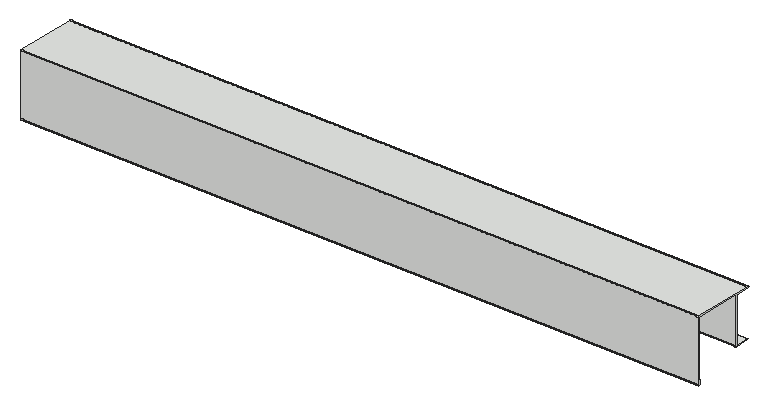
Revit family "profiles PR4080 2015", category Generic Models, Revit 2015
Parameters (values of type "ISOLAMIN PR4080 flashing")
  Profile Length [instance] = 1180 mm
Reference planes
  plane 1 "Center (Front/Back)": y = 0
  plane 2: z = 0
  plane 3 "Center (Left/Right)": x = 0
  plane 4: x = 1180
Forms (mm)
  Extrusion 1, solid, material "ISOLAMIN Surface Material"
    sketch origin (0, 663.436, -1055.487) x (0, 1, 0) y (0, 0, 1)
      loop
        line (-688.636, 1081.391) -> (-663.436, 1081.391) -> (-663.436, 1082.391) -> (-687.936, 1082.391)
        arc (-687.936, 1082.391) -> (-688.29, 1082.538) -> (-688.436, 1082.891) r 0.5
        line (-688.436, 1082.891) -> (-688.436, 1162.091) -> (-664.136, 1162.091)
        arc (-664.136, 1162.091) -> (-663.136, 1163.091) -> (-664.136, 1164.091) r 1
        line (-664.136, 1164.091) -> (-770.036, 1164.091)
        arc (-770.036, 1164.091) -> (-770.602, 1163.857) -> (-770.836, 1163.291) r 0.8
        line (-770.836, 1163.291) -> (-770.836, 1057.391)
        arc (-770.836, 1057.391) -> (-769.836, 1056.391) -> (-768.836, 1057.391) r 1
        line (-768.836, 1057.391) -> (-768.836, 1064.691) -> (-769.836, 1064.691) -> (-769.836, 1162.591)
        arc (-769.836, 1162.591) -> (-769.69, 1162.945) -> (-769.336, 1163.091) r 0.5
        line (-769.336, 1163.091) -> (-687.769, 1163.091)
        arc (-687.769, 1163.091) -> (-688.74, 1162.886) -> (-689.436, 1162.178) r 1.719
        line (-689.436, 1162.178) -> (-689.436, 1082.191)
        arc (-689.436, 1082.191) -> (-689.202, 1081.625) -> (-688.636, 1081.391) r 0.8
    from 0 to 1180
Dimensions and locks
  "Profile Length": plane 3 "Center (Left/Right)" to plane 4
  aligned and locked: level to plane 2
  aligned and locked: plane 4 to Extrusion 1
Automatic sketch dimensions
  plane 1 "Center (Front/Back)" to Extrusion 1 sketch curve = 0 mm
  level to Extrusion 1 sketch curve = 25.904 mm
  Extrusion 1 sketch curve to Extrusion 1 sketch curve = 25.2 mm
  Extrusion 1 sketch curve to Extrusion 1 sketch curve = 1 mm  (x3)
  Extrusion 1 sketch curve to Extrusion 1 sketch curve = 0.7 mm  (x2)
  Extrusion 1 sketch curve to Extrusion 1 sketch curve = 0.2 mm
  Extrusion 1 sketch curve to Extrusion 1 sketch curve = 0.5 mm  (x2)
  Extrusion 1 sketch curve to Extrusion 1 sketch curve = 79.2 mm
  Extrusion 1 sketch curve to Extrusion 1 sketch curve = 0.087 mm
  Extrusion 1 sketch curve to Extrusion 1 sketch curve = 0.522 mm
  Extrusion 1 sketch curve to Extrusion 1 sketch curve = 0.712 mm
  Extrusion 1 sketch curve to Extrusion 1 sketch curve = 0.667 mm
  Extrusion 1 sketch curve to Extrusion 1 sketch curve = 79.9 mm
  Extrusion 1 sketch curve to Extrusion 1 sketch curve = 23.633 mm
  Extrusion 1 sketch curve to Extrusion 1 sketch curve = 17.5 mm
  Extrusion 1 sketch curve to Extrusion 1 sketch curve = 7.3 mm
  Extrusion 1 sketch curve to Extrusion 1 sketch curve = 0.8 mm
